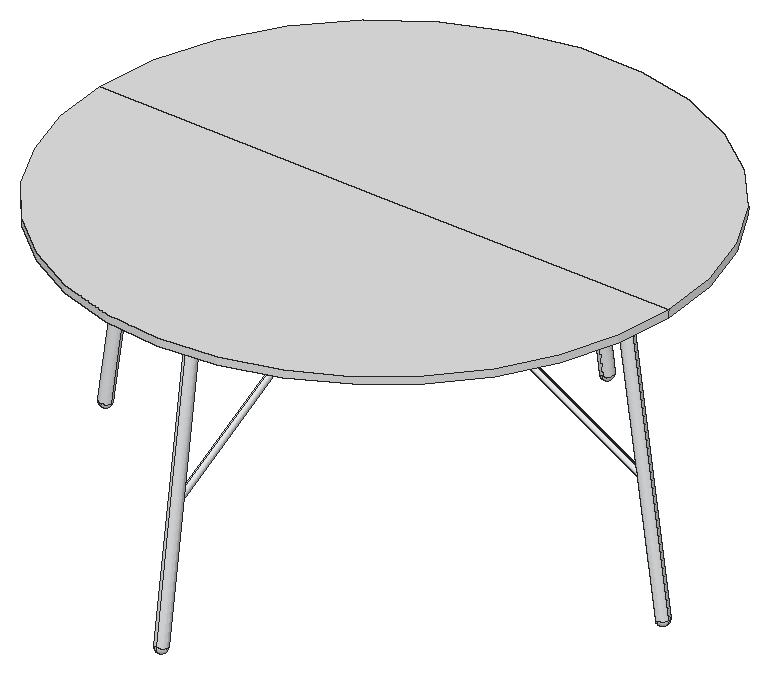
Revit family "Elan_Bing_Round_CoffeeTable", category Furniture, Revit 2015
Parameters (values of type "30"")
  Width = 2' - 6"
  URL = "http://elanbydecca.com"
  Product URL = "http://elanbydecca.com/PDFs/PriceList/Bing%20Price%20List.pdf"
  Model = "FT CT135"
  Manufacturer = "Decca Elan"
  L42 = no
  L36 = no
  L30 = no
  Height = 1' - 3"  # constant formula
  Description = "Bing Coffee Table"
  Top [instance] = Furniture - DECCA (Elan) - Bing - Table Top
  Depth = 2' - 6"
  Base [instance] = Furniture - DECCA (Elan) - Bing - Base
  Assembly Description = "Furniture & Accessories"
  Assembly Code = "E2020200"
Types (7): name | Width | Model | L42 | L36 | L30 | Depth
  (no name) | 2' - 6" | "FT CT135" | no | no | no | 2' - 6"
  36" | 3' - 0" | "FT CT115" | no | no | no | 3' - 0"
  36" (Layup) | 3' - 0" | "FT CT115B" | no | yes | no | 3' - 0"
  30" (Layup) | 2' - 6" | "FT CT135B" | no | no | yes | 2' - 6"
  30" | 2' - 6" | "FT CT135" | no | no | no | 2' - 6"
  42" | 3' - 6" | "FT CT120" | no | no | no | 3' - 6"
  42" (Layup) | 3' - 6" | "FT CT120B" | yes | no | no | 3' - 6"
Reference planes (in)
  plane 1 "Center Front/Back": y = 1.1226
  plane 2: z = 0
  plane 3 "Center Left/Right": x = 0
  plane 4 "L": x = -15
  plane 5 "R": x = 15
  plane 6 "top": z = 15
  plane 7 "F": y = -13.8774
  plane 8: y = 16.1226
  plane 9: through (-6.25338, 2.33237, 23.38953) normal (0.4297, -0.4297, 0.7941)
  plane 10: z = 14.625
  plane 11: z = 14
  plane 12: z = 14.11811
  plane 13: y = 3.12247
  plane 14: y = -0.87727
  plane 15: x = -1.99987
  plane 16: x = 1.99987
Forms (in)
  Revolve 1, solid, material "Furniture - DECCA (Elan) - Bing - Table Top" <- "Top"
    sketch origin (0, 1.1226, 0) x (1, 0, 0) y (0, 0, 1)
      loop
        line (-15, 15) -> (-15, 14.625) -> (-13.28283, 14) -> (-13.13467, 14) -> (-13.13467, 14.11811) -> (0, 14.11811) -> (0, 15) -> (-15, 15)
      axis (0, 15) -> (0, 14)
    angle from 0 to 360
  Extrusion 2, solid, material "Furniture - DECCA (Elan) - Bing - Base" <- "Base"
    sketch origin (0, 0, 6.42354) x (0, 1, 0) y (-1, 0, 0)
      loop
        arc (-0.87727, -11.1348) -> (1.1226, -13.13467) -> (3.12247, -11.1348) r 1.99987
        line (3.12247, -11.1348) -> (3.12247, -1.99987) -> (12.2574, -1.99987)
        arc (12.2574, -1.99987) -> (14.25727, 0) -> (12.2574, 1.99987) r 1.99987
        line (12.2574, 1.99987) -> (3.12247, 1.99987) -> (3.12247, 11.1348)
        arc (3.12247, 11.1348) -> (1.1226, 13.13467) -> (-0.87727, 11.1348) r 1.99987
        line (-0.87727, 11.1348) -> (-0.87727, 1.99987) -> (-10.0122, 1.99987)
        arc (-10.0122, 1.99987) -> (-12.01207, 0) -> (-10.0122, -1.99987) r 1.99987
        line (-10.0122, -1.99987) -> (-0.87727, -1.99987) -> (-0.87727, -11.1348)
    from 7.57646 to 7.69457
  Revolve 3, solid, material "Furniture - DECCA (Elan) - Bing - Base" <- "Base"
    sketch origin (0, 1.1226, 0) x (1, 0, 0) y (0, 0, 1)
      loop
        arc (-14.99307, 0.36038) -> (-14.93463, 0.12845) -> (-14.72931, 0.00578) r 0.3125
        line (-14.72931, 0.00578) -> (-12.65957, 14.09467) -> (-12.97542, 14.09467) -> (-14.99307, 0.36038)
      axis (-14.72931, 0.00578) -> (-12.65957, 14.09467)
    angle from 0 to 360
  Revolve 4, solid, material "Furniture - DECCA (Elan) - Bing - Base" <- "Base"
    sketch origin (0, 1.1226, 0) x (-1, 0, 0) y (0, 0, 1)
      loop
        arc (-14.99307, 0.36038) -> (-14.93463, 0.12845) -> (-14.72931, 0.00578) r 0.3125
        line (-14.72931, 0.00578) -> (-12.65957, 14.09467) -> (-12.97542, 14.09467) -> (-14.99307, 0.36038)
      axis (-14.72931, 0.00578) -> (-12.65957, 14.09467)
    angle from 0 to 360
  Revolve 5, solid, material "Furniture - DECCA (Elan) - Bing - Base" <- "Base"
    sketch origin (0, 1.1226, 0) x (0, 1, 0) y (0, 0, 1)
      loop
        arc (-14.99307, 0.36038) -> (-14.93463, 0.12845) -> (-14.72931, 0.00578) r 0.3125
        line (-14.72931, 0.00578) -> (-12.65957, 14.09467) -> (-12.97542, 14.09467) -> (-14.99307, 0.36038)
      axis (-14.72931, 0.00578) -> (-12.65957, 14.09467)
    angle from 0 to 360
  Revolve 6, solid, material "Furniture - DECCA (Elan) - Bing - Base" <- "Base"
    sketch origin (0, 1.1226, 0) x (0, -1, 0) y (0, 0, -1)
      loop
        line (-14.99307, -0.36038) -> (-12.97542, -14.09467) -> (-12.65957, -14.09467) -> (-14.72931, -0.00578)
        arc (-14.72931, -0.00578) -> (-14.93463, -0.12845) -> (-14.99307, -0.36038) r 0.3125
      axis (-14.72931, -0.00578) -> (-12.65957, -14.09467)
    angle from 0 to 360
  Sweep 7, solid, material "Furniture - DECCA (Elan) - Bing - Base" <- "Base"
    path origin (0, 0, 0) x (0, 1, 0) y (0, 0, 1)
      loop
        line (14.98884, 6.53247) -> (1.96086, 13.64156)
        arc (1.96086, 13.64156) -> (1.1226, 13.85539) -> (0.28434, 13.64156) r 1.75
        line (0.28434, 13.64156) -> (-12.74364, 6.53247)
    profile origin (0, 8.47485, 10.08702) x (0, -0.479004, -0.877813) y (1, 0, 0)
      loop
        circle (0, 0) r 0.15625
  Sweep 8, solid, material "Furniture - DECCA (Elan) - Bing - Base" <- "Base"
    path origin (1.1226, 1.1226, 0) x (-1, 0, 0) y (0, 0, 1)
      loop
        line (14.98884, 6.53247) -> (1.96086, 13.64156)
        arc (1.96086, 13.64156) -> (1.1226, 13.85539) -> (0.28434, 13.64156) r 1.75
        line (0.28434, 13.64156) -> (-12.74364, 6.53247)
    profile origin (-7.35225, 1.1226, 10.08702) x (0.479004, 0, -0.877813) y (0, 1, 0)
      loop
        circle (0, 0) r 0.15625
Cuts and joins
  joined: Extrusion 2, Revolve 3, Revolve 4, Revolve 5, Revolve 6, Sweep 7, Sweep 8
Lines and regions (in)
  model lines, visible <- "L36"
    curve 1: line (-16.24059, -6.64927, 15) -> (1.1283, 19.10116, 15)
    curve 2: line (-8.18821, 5.28887, 15) -> (7.32593, -15.2991, 15)
    curve 3: line (-1.88184, -3.07998, 15) -> (17.74839, 4.06484, 15)
  model lines, visible <- "L36", not visible
    curve 4: line (-16.24059, -6.64927, 15) -> (1.1283, 19.10116, 15)
    curve 5: line (-8.18821, 5.28887, 15) -> (7.32593, -15.2991, 15)
    curve 6: line (-1.88184, -3.07998, 15) -> (17.74839, 4.06484, 15)
  model lines, visible <- "L30"
    curve 7: line (-13.52388, -5.36622, 15) -> (0.9502, 16.09247, 15)
    curve 8: line (-6.81356, 4.58223, 15) -> (6.11489, -12.57441, 15)
    curve 9: line (-1.55825, -2.39181, 15) -> (14.80028, 3.56221, 15)
  model lines, visible <- "L30", not visible
    curve 10: line (-13.52388, -5.36622, 15) -> (0.9502, 16.09247, 15)
    curve 11: line (-6.81356, 4.58223, 15) -> (6.11489, -12.57441, 15)
    curve 12: line (-1.55825, -2.39181, 15) -> (14.80028, 3.56221, 15)
  model lines, visible <- "L42"
    curve 13: line (-18.94736, -7.94459, 15) -> (1.31634, 22.09759, 15)
    curve 14: line (-9.55292, 5.98324, 15) -> (8.54692, -18.03605, 15)
    curve 15: line (-2.19548, -3.78041, 15) -> (20.70646, 4.55522, 15)
  model lines, visible <- "L42", not visible
    curve 16: line (-18.94736, -7.94459, 15) -> (1.31634, 22.09759, 15)
    curve 17: line (-9.55292, 5.98324, 15) -> (8.54692, -18.03605, 15)
    curve 18: line (-2.19548, -3.78041, 15) -> (20.70646, 4.55522, 15)
Dimensions and locks (in)
  equal spacing: plane 4 "L", plane 3 "Center Left/Right", plane 5 "R"
  equal spacing: plane 8, plane 1 "Center Front/Back", plane 7 "F"
  "Width": plane 4 "L" to plane 5 "R"
  "Depth": plane 8 to plane 7 "F"
  "Height": plane 6 "top" to level
  plane 6 "top" to plane 10 to plane 12 to plane 11 = 0' - 0 3/8" locked, 0' - 0.50689" locked, 0' - 0.11811" locked
  plane 13 to plane 1 "Center Front/Back" to plane 14 = 0' - 1.99987" locked, 0' - 1.99987" locked
  plane 15 to plane 3 "Center Left/Right" to plane 16 = 0' - 1.99987" locked, 0' - 1.99987" locked
  aligned and locked: Revolve 1 sketch curve to plane 3 "Center Left/Right"
  aligned and locked: plane 12 to Extrusion 2
  aligned and locked: Extrusion 2 to plane 11
Automatic sketch dimensions
  Revolve 1 sketch curve to plane 4 "L" = 0' - 0"
  Revolve 1 sketch curve to plane 11 = 0' - 0"
  Revolve 1 sketch curve to plane 12 = 0' - 0"
  Revolve 1 sketch curve to plane 3 "Center Left/Right" = 0' - 0"
  Revolve 1 sketch curve to plane 10 = 0' - 0"
  Revolve 1 sketch curve to plane 6 "top" = 0' - 0"
  plane 4 "L" to Revolve 1 sketch curve = 0' - 1.71717"
  Revolve 1 sketch curve to Revolve 1 sketch curve = 0' - 0.14815"
  Revolve 1 sketch curve to level = 2' - 0"
  Revolve 1 sketch curve to Revolve 1 sketch curve = 6' - 8.33184"
  Extrusion 2 sketch curve to plane 16 = 0' - 0"  (x2)
  Extrusion 2 sketch curve to plane 15 = 0' - 0"
  Extrusion 2 sketch curve to plane 14 = 0' - 0"  (x2)
  plane 1 "Center Front/Back" to Extrusion 2 sketch curve = 0' - 0"  (x2)
  Extrusion 2 sketch curve to plane 3 "Center Left/Right" = 0' - 0"
  plane 7 "F" to Extrusion 2 sketch curve = 0' - 3.8652"
  Extrusion 2 sketch curve to plane 8 = 0' - 3.8652"
  plane 5 "R" to Extrusion 2 sketch curve = 0' - 3.8652"
  plane 4 "L" to Extrusion 2 sketch curve = 0' - 3.8652"
  Extrusion 2 sketch curve to Extrusion 2 sketch curve = 0' - 0"
  Revolve 3 sketch curve to level = 0' - 0"
  Revolve 3 sketch curve to plane 11 = 0' - 0"
  plane 4 "L" to Revolve 3 sketch curve = 0' - 0.00693"
  level to Revolve 3 sketch curve = 0' - 0.00578"
  plane 4 "L" to Revolve 3 sketch curve = 0' - 0.27069"
  Revolve 3 sketch curve to Revolve 3 sketch curve = 0' - 0.04542"
  Revolve 3 sketch curve to plane 12 = 0' - 0 3/128"
  plane 4 "L" to Revolve 3 sketch curve = 0' - 2.02458"
  Revolve 3 sketch curve to Revolve 3 sketch curve = 0' - 0.31585"
  Revolve 3 sketch curve to Revolve 3 sketch curve = 0' - 0.30918"
  Revolve 3 sketch curve to Revolve 3 sketch curve = 0' - 0.00085"
  Revolve 3 sketch curve to Revolve 3 sketch curve = 0' - 0.01391"
  Revolve 4 sketch curve to level = 0' - 0"
  Revolve 4 sketch curve to plane 11 = 0' - 0"
  Revolve 4 sketch curve to plane 5 "R" = 0' - 0.00693"
  Revolve 4 sketch curve to level = 0' - 0.00578"
  Revolve 4 sketch curve to plane 5 "R" = 0' - 0.27069"
  Revolve 4 sketch curve to Revolve 4 sketch curve = 0' - 0.04542"
  plane 12 to Revolve 4 sketch curve = 0' - 0 3/128"
  Revolve 4 sketch curve to plane 5 "R" = 0' - 2.02458"
  Revolve 4 sketch curve to Revolve 4 sketch curve = 0' - 0.31585"
  Revolve 4 sketch curve to Revolve 4 sketch curve = 0' - 0.30918"
  Revolve 4 sketch curve to Revolve 4 sketch curve = 0' - 0.00085"
  Revolve 4 sketch curve to Revolve 4 sketch curve = 0' - 0.01391"
  Revolve 5 sketch curve to level = 0' - 0"
  Revolve 5 sketch curve to plane 11 = 0' - 0"
  plane 7 "F" to Revolve 5 sketch curve = 0' - 0.00693"
  level to Revolve 5 sketch curve = 0' - 0.00578"
  plane 7 "F" to Revolve 5 sketch curve = 0' - 0.27069"
  Revolve 5 sketch curve to Revolve 5 sketch curve = 0' - 0.04542"
  Revolve 5 sketch curve to plane 12 = 0' - 0 3/128"
  plane 7 "F" to Revolve 5 sketch curve = 0' - 2.02458"
  Revolve 5 sketch curve to Revolve 5 sketch curve = 0' - 0.31585"
  Revolve 5 sketch curve to Revolve 5 sketch curve = 0' - 0.30918"
  Revolve 5 sketch curve to Revolve 5 sketch curve = 0' - 0.00085"
  Revolve 5 sketch curve to Revolve 5 sketch curve = 0' - 0.01391"
  Revolve 6 sketch curve to level = 0' - 0"
  Revolve 6 sketch curve to plane 11 = 0' - 0"
  Revolve 6 sketch curve to plane 8 = 0' - 0.00693"
  level to Revolve 6 sketch curve = 0' - 0.00578"
  Revolve 6 sketch curve to plane 8 = 0' - 0.27069"
  Revolve 6 sketch curve to Revolve 6 sketch curve = 0' - 0.04542"
  Revolve 6 sketch curve to plane 12 = 0' - 0 3/128"
  Revolve 6 sketch curve to plane 8 = 0' - 2.02458"
  Revolve 6 sketch curve to Revolve 6 sketch curve = 0' - 0.31585"
  level to Revolve 6 sketch curve = 0' - 0.36038"
  Revolve 6 sketch curve to Revolve 6 sketch curve = 0' - 0.00085"
  Revolve 6 sketch curve to Revolve 6 sketch curve = 0' - 0.01391"
  Sweep 7 sketch curve to plane 1 "Center Front/Back" = 0' - 0"
  Sweep 7 sketch curve to plane 11 = 0' - 0.35844"  (x2)
  plane 1 "Center Front/Back" to Sweep 7 sketch curve = 0' - 0.83826"
  Sweep 7 sketch curve to Sweep 7 sketch curve = 0' - 1.53617"
  plane 7 "F" to Sweep 7 sketch curve = 0' - 1.13376"
  Sweep 7 sketch curve to plane 8 = 0' - 1.13376"
  level to Sweep 7 sketch curve = 0' - 6.53247"  (x2)
  Sweep 7 sketch curve to plane 3 "Center Left/Right" = 0' - 0"
  Sweep 7 sketch curve to profile plane = 0' - 0"
  Sweep 8 sketch curve to plane 3 "Center Left/Right" = 0' - 0"
  Sweep 8 sketch curve to plane 11 = 0' - 0.35844"  (x2)
  plane 3 "Center Left/Right" to Sweep 8 sketch curve = 0' - 0.83826"
  Sweep 8 sketch curve to Sweep 8 sketch curve = 0' - 1.53617"
  plane 5 "R" to Sweep 8 sketch curve = 0' - 1.13376"
  plane 4 "L" to Sweep 8 sketch curve = 0' - 1.13376"
  level to Sweep 8 sketch curve = 0' - 6.53247"  (x2)
  Sweep 8 sketch curve to profile plane = 0' - 0"  (x2)
  radius of Sweep 7 sketch curve = 0' - 0 5/32"
  radius of Sweep 8 sketch curve = 0' - 0 5/32"
